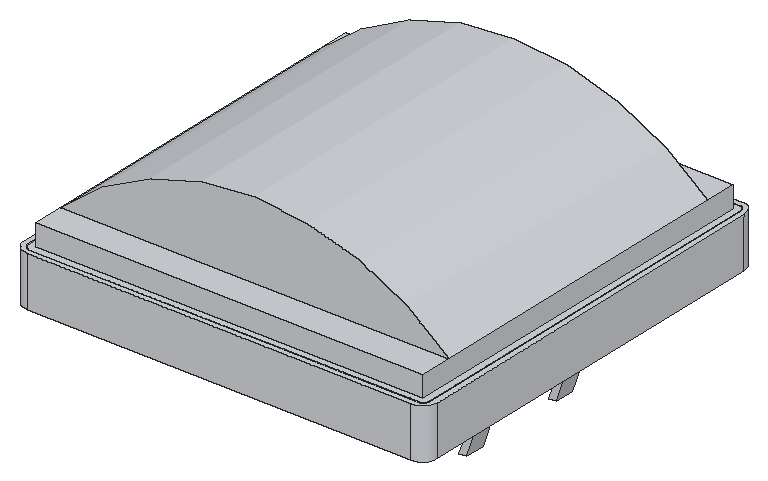
Revit family "Gira_5374600", category Electrical Fixtures, host Face, Revit 2017
Family settings
  Host = Face
  Maintain Annotation Orientation = Yes
  Round Connector Dimension = Use Diameter
  Part Type = Normal
  Cut with Voids When Loaded = No
  Shared = No
  Room Calculation Point = No
Parameters (values of type "S3000 Beweg.m.aufs. 1,10 m Komfort BT System 55 Edelstahl(lack.)")
  Werkstoffgüte = "sonstige"
  Werkstoff = "sonstige"
  Vernetzbar = "Yes"
  Unterkriechschutz/Rückfeldüberwachung = "No"
  URL = "http://katalog.gira.de/de_DE/datenblatt.html?artikelnr=5374600"
  Treppenhausüberwachung = "Yes"
  Tierschneise = "Yes"
  Teach-Funktion für Ansprechhelligkeit = "No"
  Region = "DE"
  Name = "S3000 Beweg.m.aufs. 1,10 m Komfort BT System 55 Edelstahl(lack.)"
  Montagehöhe = "1,1 m"
  Montageart = "unter Putz"
  Min. Einschaltdauer = "10 s"
  Max. Reichweite zu einer Seite = "6 m"
  Max. Reichweite frontal = "10 m"
  Max. Einschaltdauer = "1800 s"
  Manufacturer URL = "https://www.gira.de/"
  Konstantlichtregelung = "No"
  Keynote = "Bewegungsmelder_1,10m"
  HeinzeBIM = "https://bimportal.heinze.de/bim/s3000-beweg-m-aufs-1-10-m-komfort-bt-system-55-edelstahl-lack-/24167c3669b8fc63934bbf87aa4aa3682d731f3b"
  Halogenfrei = "No"
  HLK-Ansteuerung = "No"
  HAN = "5374600"
  Geeignet für drahtlose Übertragung = "No"
  Geeignet für Schutzart (IP) = "IP20"
  GTIN = "4010337049548"
  Farbe = "edelstahl"
  Erfassungswinkel horizontal = "1 - 180"
  Default Elevation = 1219.2 mm
  Data sheet (1) = "https://katalog.gira.de/de_DE/download.html?artikelnr=5374600"
  Category = "Bewegungsmelder-Sensor"
  Available = "Yes"
  Ausführung = "Bewegungsmelder"
  Ansprechhelligkeit einstellbar = "No"
  Ansprechempfindlichkeit einstellbar = "Yes"
  Abdimmfunktion mit Dimmeinsatz = "No"
Reference planes
  plane 1 "Center (Front/Back)": y = 0
  plane 2: z = 0
  plane 3 "Center (Left/Right)": x = 0
Forms (mm)
  Extrusion 1, solid, detail levels fine
    sketch origin (0, 0, 0) x (1, 0, 0) y (0, 0, 1)
      loop
        line (-33.025, 12.126) -> (33.025, 12.126)
        arc (33.025, 12.126) -> (0, 25.3) -> (-33.025, 12.126) r 47.982
    from -27.6 to 27.6
  Extrusion 2, solid, detail levels fine
    sketch origin (0, 0, 0) x (1, 0, 0) y (0, 1, 0)
      loop
        line (33.025, 33.025) -> (-33.025, 33.025) -> (-33.025, -33.025) -> (33.025, -33.025) -> (33.025, 33.025)
    from 8.55 to 12.126
  Extrusion 3, solid, detail levels fine
    sketch origin (0, 0, 0) x (1, 0, 0) y (0, 1, 0)
      loop
        spline (-32.7, 35.2) -> (-33.027, 35.179) -> (-33.347, 35.115) -> (-33.657, 35.01) -> (-33.95, 34.865) -> (-34.222, 34.683) -> (-34.468, 34.468) -> (-34.683, 34.222) -> (-34.865, 33.95) -> (-35.01, 33.657) -> (-35.115, 33.347) -> (-35.179, 33.027) -> (-35.2, 32.7)
        line (-35.2, 32.7) -> (-35.2, -32.7)
        spline (-35.2, -32.7) -> (-35.179, -33.027) -> (-35.115, -33.347) -> (-35.01, -33.657) -> (-34.865, -33.95) -> (-34.683, -34.222) -> (-34.468, -34.468) -> (-34.222, -34.683) -> (-33.95, -34.865) -> (-33.657, -35.01) -> (-33.347, -35.115) -> (-33.027, -35.179) -> (-32.7, -35.2)
        line (-32.7, -35.2) -> (32.7, -35.2)
        spline (32.7, -35.2) -> (33.027, -35.179) -> (33.347, -35.115) -> (33.657, -35.01) -> (33.95, -34.865) -> (34.222, -34.683) -> (34.468, -34.468) -> (34.683, -34.222) -> (34.865, -33.95) -> (35.01, -33.657) -> (35.115, -33.347) -> (35.179, -33.027) -> (35.2, -32.7)
        line (35.2, -32.7) -> (35.2, 32.7)
        spline (35.2, 32.7) -> (35.179, 33.027) -> (35.115, 33.347) -> (35.01, 33.657) -> (34.865, 33.95) -> (34.683, 34.222) -> (34.468, 34.468) -> (34.222, 34.683) -> (33.95, 34.865) -> (33.657, 35.01) -> (33.347, 35.115) -> (33.027, 35.179) -> (32.7, 35.2)
        line (32.7, 35.2) -> (-32.7, 35.2)
      loop
        line (-34.2, 33.2) -> (-34.2, -33.2)
        spline (-34.2, -33.2) -> (-34.191, -33.331) -> (-34.166, -33.459) -> (-34.124, -33.583) -> (-34.066, -33.7) -> (-33.993, -33.809) -> (-33.907, -33.907) -> (-33.809, -33.993) -> (-33.7, -34.066) -> (-33.583, -34.124) -> (-33.459, -34.166) -> (-33.331, -34.191) -> (-33.2, -34.2)
        line (-33.2, -34.2) -> (33.2, -34.2)
        spline (33.2, -34.2) -> (33.331, -34.191) -> (33.459, -34.166) -> (33.583, -34.124) -> (33.7, -34.066) -> (33.809, -33.993) -> (33.907, -33.907) -> (33.993, -33.809) -> (34.066, -33.7) -> (34.124, -33.583) -> (34.166, -33.459) -> (34.191, -33.331) -> (34.2, -33.2)
        line (34.2, -33.2) -> (34.2, 33.2)
        spline (34.2, 33.2) -> (34.191, 33.331) -> (34.166, 33.459) -> (34.124, 33.583) -> (34.066, 33.7) -> (33.993, 33.809) -> (33.907, 33.907) -> (33.809, 33.993) -> (33.7, 34.066) -> (33.583, 34.124) -> (33.459, 34.166) -> (33.331, 34.191) -> (33.2, 34.2)
        line (33.2, 34.2) -> (-33.2, 34.2)
        spline (-33.2, 34.2) -> (-33.331, 34.191) -> (-33.459, 34.166) -> (-33.583, 34.124) -> (-33.7, 34.066) -> (-33.809, 33.993) -> (-33.907, 33.907) -> (-33.993, 33.809) -> (-34.066, 33.7) -> (-34.124, 33.583) -> (-34.166, 33.459) -> (-34.191, 33.331) -> (-34.2, 33.2)
    from 0 to 8.55
  Extrusion 4, solid, detail levels fine
    sketch origin (0, 0, 0) x (1, 0, 0) y (0, 1, 0)
      loop
        line (-34.2, 33.2) -> (-34.2, -33.2)
        spline (-34.2, -33.2) -> (-34.191, -33.331) -> (-34.166, -33.459) -> (-34.124, -33.583) -> (-34.066, -33.7) -> (-33.993, -33.809) -> (-33.907, -33.907) -> (-33.809, -33.993) -> (-33.7, -34.066) -> (-33.583, -34.124) -> (-33.459, -34.166) -> (-33.331, -34.191) -> (-33.2, -34.2)
        line (-33.2, -34.2) -> (33.2, -34.2)
        spline (33.2, -34.2) -> (33.331, -34.191) -> (33.459, -34.166) -> (33.583, -34.124) -> (33.7, -34.066) -> (33.809, -33.993) -> (33.907, -33.907) -> (33.993, -33.809) -> (34.066, -33.7) -> (34.124, -33.583) -> (34.166, -33.459) -> (34.191, -33.331) -> (34.2, -33.2)
        line (34.2, -33.2) -> (34.2, 33.2)
        spline (34.2, 33.2) -> (34.191, 33.331) -> (34.166, 33.459) -> (34.124, 33.583) -> (34.066, 33.7) -> (33.993, 33.809) -> (33.907, 33.907) -> (33.809, 33.993) -> (33.7, 34.066) -> (33.583, 34.124) -> (33.459, 34.166) -> (33.331, 34.191) -> (33.2, 34.2)
        line (33.2, 34.2) -> (-33.2, 34.2)
        spline (-33.2, 34.2) -> (-33.331, 34.191) -> (-33.459, 34.166) -> (-33.583, 34.124) -> (-33.7, 34.066) -> (-33.809, 33.993) -> (-33.907, 33.907) -> (-33.993, 33.809) -> (-34.066, 33.7) -> (-34.124, 33.583) -> (-34.166, 33.459) -> (-34.191, 33.331) -> (-34.2, 33.2)
    from 6.175 to 8.55
  Extrusion 5, solid, detail levels fine
    sketch origin (0, 0, 0) x (1, 0, 0) y (0, 1, 0)
      loop
        spline (-27.7, -27.1) -> (-27.696, -27.165) -> (-27.683, -27.229) -> (-27.662, -27.291) -> (-27.633, -27.35) -> (-27.597, -27.404) -> (-27.554, -27.454) -> (-27.504, -27.497) -> (-27.45, -27.533) -> (-27.391, -27.562) -> (-27.329, -27.583) -> (-27.265, -27.596) -> (-27.2, -27.6)
        line (-27.2, -27.6) -> (27.2, -27.6)
        spline (27.2, -27.6) -> (27.265, -27.596) -> (27.329, -27.583) -> (27.391, -27.562) -> (27.45, -27.533) -> (27.504, -27.497) -> (27.554, -27.454) -> (27.597, -27.404) -> (27.633, -27.35) -> (27.662, -27.291) -> (27.683, -27.229) -> (27.696, -27.165) -> (27.7, -27.1)
        line (27.7, -27.1) -> (27.7, 27.1)
        spline (27.7, 27.1) -> (27.696, 27.165) -> (27.683, 27.229) -> (27.662, 27.291) -> (27.633, 27.35) -> (27.597, 27.404) -> (27.554, 27.454) -> (27.504, 27.497) -> (27.45, 27.533) -> (27.391, 27.562) -> (27.329, 27.583) -> (27.265, 27.596) -> (27.2, 27.6)
        line (27.2, 27.6) -> (-27.2, 27.6)
        spline (-27.2, 27.6) -> (-27.265, 27.596) -> (-27.329, 27.583) -> (-27.391, 27.562) -> (-27.45, 27.533) -> (-27.504, 27.497) -> (-27.554, 27.454) -> (-27.597, 27.404) -> (-27.633, 27.35) -> (-27.662, 27.291) -> (-27.683, 27.229) -> (-27.696, 27.165) -> (-27.7, 27.1)
        line (-27.7, 27.1) -> (-27.7, -27.1)
      loop
        line (26.9, 26.8) -> (-26.9, 26.8) -> (-26.9, -26.8) -> (26.9, -26.8) -> (26.9, 26.8)
    from 0 to 6.175
  Extrusion 6, solid, detail levels fine
    sketch origin (0, 0, 0) x (1, 0, 0) y (0, 1, 0)
      loop
        line (-15.4, -23.928) -> (15.4, -23.928)
        arc (15.4, -23.928) -> (21.43, -21.43) -> (23.928, -15.4) r 8.528
        line (23.928, -15.4) -> (23.928, 15.4)
        arc (23.928, 15.4) -> (21.43, 21.43) -> (15.4, 23.928) r 8.528
        line (15.4, 23.928) -> (-15.4, 23.928)
        arc (-15.4, 23.928) -> (-21.43, 21.43) -> (-23.928, 15.4) r 8.528
        line (-23.928, 15.4) -> (-23.928, -15.4)
        arc (-23.928, -15.4) -> (-21.43, -21.43) -> (-15.4, -23.928) r 8.528
    from -0.985 to 1.6
  Extrusion 7, solid, detail levels fine
    sketch origin (0, 0, 0) x (1, 0, 0) y (0, 1, 0)
      loop
        line (-26.35, 18.301) -> (-26.35, -18.801)
        spline (-26.35, -18.801) -> (-26.286, -19.78) -> (-26.095, -20.742) -> (-25.779, -21.671) -> (-25.345, -22.551) -> (-24.8, -23.366) -> (-24.154, -24.104) -> (-23.416, -24.75) -> (-22.601, -25.295) -> (-21.721, -25.729) -> (-20.792, -26.045) -> (-19.83, -26.236) -> (-18.851, -26.3)
        line (-18.851, -26.3) -> (18.851, -26.3)
        spline (18.851, -26.3) -> (19.83, -26.236) -> (20.792, -26.045) -> (21.721, -25.729) -> (22.601, -25.295) -> (23.416, -24.75) -> (24.154, -24.104) -> (24.8, -23.366) -> (25.345, -22.551) -> (25.779, -21.671) -> (26.094, -20.742) -> (26.286, -19.78) -> (26.35, -18.801)
        line (26.35, -18.801) -> (26.35, 18.301)
        spline (26.35, 18.301) -> (26.286, 19.28) -> (26.094, 20.242) -> (25.779, 21.171) -> (25.345, 22.051) -> (24.8, 22.866) -> (24.154, 23.604) -> (23.416, 24.25) -> (22.601, 24.795) -> (21.721, 25.229) -> (20.792, 25.545) -> (19.83, 25.736) -> (18.851, 25.8)
        line (18.851, 25.8) -> (-18.851, 25.8)
        spline (-18.851, 25.8) -> (-19.83, 25.736) -> (-20.792, 25.545) -> (-21.721, 25.229) -> (-22.601, 24.795) -> (-23.416, 24.25) -> (-24.154, 23.604) -> (-24.8, 22.866) -> (-25.345, 22.051) -> (-25.779, 21.171) -> (-26.095, 20.242) -> (-26.286, 19.28) -> (-26.35, 18.301)
    from 1.6 to 6.1
  Extrusion 8, solid, detail levels fine
    sketch origin (0, 0, 0) x (1, 0, 0) y (0, 0, 1)
      loop
        line (-23.048, -13.343) -> (-21.665, -13.513) -> (-24.338, -6.363) -> (-23.36, 1.6) -> (-25.023, 1.6) -> (-24.975, -1.121) -> (-25.39, -6.541) -> (-23.048, -13.343)
      loop
        line (23.048, -13.343) -> (25.39, -6.541) -> (24.975, -1.121) -> (25.023, 1.6) -> (23.36, 1.6) -> (24.338, -6.363) -> (21.665, -13.513) -> (23.048, -13.343)
    from 7.9 to 11.14
  Extrusion 9, solid, detail levels fine
    sketch origin (0, 0, 0) x (1, 0, 0) y (0, 0, -1)
      loop
        line (-23.048, 13.343) -> (-25.39, 6.541) -> (-24.975, 1.121) -> (-25.023, -1.6) -> (-23.36, -1.6) -> (-24.338, 6.363) -> (-21.665, 13.513) -> (-23.048, 13.343)
      loop
        line (23.048, 13.343) -> (21.665, 13.513) -> (24.338, 6.363) -> (23.36, -1.6) -> (25.023, -1.6) -> (24.975, 1.121) -> (25.39, 6.541) -> (23.048, 13.343)
    from 7.9 to 11.14
  Extrusion 10, solid, detail levels fine
    sketch origin (0, 0, 0) x (1, 0, 0) y (0, 1, 0)
      loop
        line (-5.141, 20.681) -> (-5.141, 15.099)
        spline (-5.141, 15.099) -> (-5.133, 14.968) -> (-5.107, 14.84) -> (-5.065, 14.716) -> (-5.007, 14.599) -> (-4.935, 14.49) -> (-4.849, 14.391) -> (-4.75, 14.305) -> (-4.641, 14.233) -> (-4.524, 14.175) -> (-4.4, 14.133) -> (-4.272, 14.107) -> (-4.141, 14.099)
        line (-4.141, 14.099) -> (4.141, 14.099)
        spline (4.141, 14.099) -> (4.272, 14.107) -> (4.4, 14.133) -> (4.524, 14.175) -> (4.641, 14.233) -> (4.75, 14.305) -> (4.849, 14.391) -> (4.935, 14.49) -> (5.007, 14.599) -> (5.065, 14.716) -> (5.107, 14.84) -> (5.133, 14.968) -> (5.141, 15.099)
        line (5.141, 15.099) -> (5.141, 20.681)
        spline (5.141, 20.681) -> (5.133, 20.812) -> (5.107, 20.94) -> (5.065, 21.064) -> (5.007, 21.181) -> (4.935, 21.29) -> (4.849, 21.389) -> (4.75, 21.475) -> (4.641, 21.547) -> (4.524, 21.605) -> (4.4, 21.647) -> (4.272, 21.673) -> (4.141, 21.681)
        line (4.141, 21.681) -> (-4.141, 21.681)
        spline (-4.141, 21.681) -> (-4.272, 21.673) -> (-4.4, 21.647) -> (-4.524, 21.605) -> (-4.641, 21.547) -> (-4.75, 21.475) -> (-4.849, 21.389) -> (-4.935, 21.29) -> (-5.007, 21.181) -> (-5.065, 21.064) -> (-5.107, 20.94) -> (-5.133, 20.812) -> (-5.141, 20.681)
    from -17.3 to -0.985
  Extrusion 11, solid, detail levels medium
    sketch origin (0, 0, 0) x (1, 0, 0) y (0, 1, 0)
      loop
        line (33.025, 33.025) -> (-33.025, 33.025) -> (-33.025, -33.025) -> (33.025, -33.025) -> (33.025, 33.025)
    from 8.55 to 25.3
  Extrusion 12, solid, detail levels medium
    sketch origin (0, 0, 0) x (1, 0, 0) y (0, 1, 0)
      loop
        line (-35.2, 35.2) -> (-35.2, -35.2) -> (35.2, -35.2) -> (35.2, 35.2) -> (-35.2, 35.2)
    from 0 to 8.55
  Extrusion 13, solid, detail levels medium
    sketch origin (0, 0, 0) x (1, 0, 0) y (0, 0, 1)
      loop
        line (-25.023, 1.6) -> (-25.023, -13.1) -> (-21.665, -13.513) -> (-21.665, 1.6) -> (-25.023, 1.6)
      loop
        line (25.023, 1.6) -> (21.665, 1.6) -> (21.665, -13.513) -> (25.023, -13.1) -> (25.023, 1.6)
    from 8 to 11.14
  Extrusion 14, solid, detail levels medium
    sketch origin (0, 0, 0) x (1, 0, 0) y (0, 0, -1)
      loop
        line (-25.023, -1.6) -> (-21.665, -1.6) -> (-21.665, 13.513) -> (-25.023, 13.1) -> (-25.023, -1.6)
      loop
        line (25.023, -1.6) -> (25.023, 13.1) -> (21.665, 13.513) -> (21.665, -1.6) -> (25.023, -1.6)
    from 8 to 11.14
  Extrusion 15, solid, detail levels medium
    sketch origin (0, 0, 0) x (1, 0, 0) y (0, 1, 0)
      loop
        line (-5.141, 21.681) -> (-5.141, 14.099) -> (5.141, 14.099) -> (5.141, 21.681) -> (-5.141, 21.681)
    from -17.3 to -0.985
  Extrusion 16, solid, detail levels coarse
    sketch origin (0, 0, 0) x (1, 0, 0) y (0, 1, 0)
      loop
        line (-35.2, 35.2) -> (-35.2, -35.2) -> (35.2, -35.2) -> (35.2, 35.2) -> (-35.2, 35.2)
    from -17.3 to 25.3
Dimensions and locks
  aligned and locked: plane 2 to host face
  aligned and locked: level to host face
  aligned and locked: nested 1 to plane 3 "Center (Left/Right)"
  aligned and locked: plane 1 "Center (Front/Back)" to nested 1
Nested families
  nested 1: "Belegungssensor - Bewegung - Aufputz - Beschriftung" at (0, 0, 0) x (0, -1, 0) z (0, 0, 1), type "Belegungssensor - Bewegung - Aufputz - Beschriftung"
Connectors
  electrical at (0, 0, -17.3)
    settings: on Extrusion 16, index 1, voltage 220 V, apparent load 0 VA, apparent load phase1 0 VA, apparent load phase2 0 VA, apparent load phase3 0 VA, power factor 1, load classification "Other", number of poles 1, system type 30, power factor state 1, is connector primary yes, connector utility no, sub classification motor no, connector description ""
Definition of nested family "Belegungssensor - Bewegung - Aufputz - Beschriftung"
  Reference planes
    plane 1: y = 0
    plane 2: x = 0
  Lines and regions (mm)
    Filled region 1, type "Gefüllter Bereich 1"
      outline origin (143.425, -20.712, 0) x (1, 0, 0) y (0, 1, 0)
        loop
          line (-148.697, 21.204) -> (-148.697, 20.409) -> (-147.583, 20.807) -> (-148.697, 21.204)
    Filled region 2, type "Gefüllter Bereich 1"
      outline origin (141.808, 30.001, 0) x (0.939693, 0.34202, 0) y (-0.34202, 0.939693, 0)
        loop
          line (-148.694, 21.203) -> (-148.694, 20.41) -> (-147.583, 20.807) -> (-148.694, 21.203)
    Filled region 3, type "Gefüllter Bereich 1"
      outline origin (141.819, -29.825, 0) x (-0.34202, -0.939693, 0) y (0.939693, -0.34202, 0)
        loop
          line (21.204, -148.697) -> (20.807, -147.583) -> (20.409, -148.697) -> (21.204, -148.697)
    detail lines
      curve 1: line (-1.207, 0.095, 0) -> (-3.486, 1.411, 0)
      curve 2: line (-1.207, 0.095, 0) -> (-3.486, -1.221, 0)
      curve 5: arc (-3.252, 1.752, 0) -> (-3.839, 0.095, 0) -> (-3.252, -1.562, 0) r 2.632
      curve 6: line (-6, 3, 0) -> (0, 3, 0)
      curve 7: line (-6, -3, 0) -> (-6, 3, 0)
      curve 8: line (0, -3, 0) -> (-6, -3, 0)
      curve 9: line (0, 3, 0) -> (0, -3, 0)
    reference lines
      curve 3: line (-1.207, 0.095, 0) -> (-3.616, 2.046, 0)
      curve 4: line (-1.207, 0.095, 0) -> (-3.616, -1.856, 0)
  Dimensions and locks
    curve 1 to curve 1 = 2.632 mm
    curve 2 to curve 2 = 2.632 mm
    curve 6 to curve 8 = 6 mm
    curve 7 to curve 9 = 6 mm
    angle curve 1 to curve 2 = 60.00°
    aligned and locked: curve 6 to curve 7
    aligned and locked: curve 9 to curve 9
